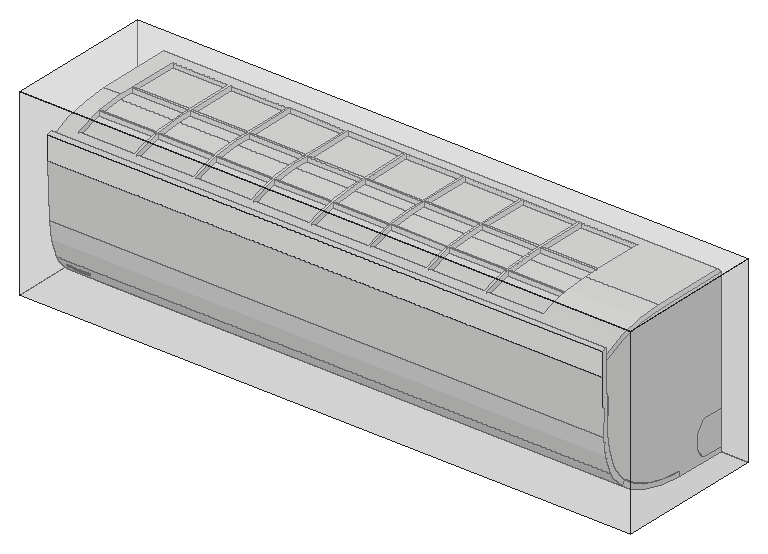
Revit family "outputfile", category 機械設備, Revit 2024
Family settings
  丸型コネクタ寸法 = 半径を使用
  パーツ タイプ = 標準
  OmniClass 番号 = 23.75.10.24.21.27.27
  OmniClass タイトル = Split System Air Conditioning Units
  作業面ベース = いいえ
  常に垂直 = はい
  ロード時にボイドで切り取り = いいえ
  注釈の向きを維持 = いいえ
  共有 = いいえ
  部屋計算ポイント = いいえ
Parameters (values of type "FTKM50XVMG")
  Description = ""
  書き出し IFC クラス(タイプ) = "IfcUnitaryEquipmentType"
  定義済み IFC タイプ(タイプ) = "AIRCONDITIONINGUNIT"
  Cost = 0
  Type Comments = ""
  Keynote = ""
  Type Image = (empty or 0)
  Assembly Code = ""
  w_wall hole = if(Width = 770.0 mm, 48.0 mm, 60.0 mm)  # 60.0 mm
  製造元 = "Daikin"
  モデル = "FTKM50XVMG"
  switch_frequency = yes
  r_Liquid Pipe Size = Liquid Pipe Size / 2  # 3.2 mm
  r_Gas Pipe Size = Gas Pipe Size / 2  # 6.35 mm
  r_Drain Pipe Size = Drain Pipe Size / 2  # 8.0 mm
  lw_powersupply [instance] = if(Width = 770.0 mm, if(or(Rear Right Connection_refrigerant, Bottom Right Connection_refrigerant), 25.0 mm, if(or(Rear Left Connection_refrigerant, Bottom Left Connection_refrigerant), 745.0 mm, 400.0 mm)), if(Width = 990.0 mm, if(or(Rear Right Connection_refrigerant, Bottom Right Connection_refrigerant), 40.0 mm, if(or(Rear Left Connection_refrigerant, Bottom Left Connection_refrigerant), 920.0 mm, 400.0 mm)), if(or(Rear Right Connection_refrigerant, Bottom Right Connection_refrigerant), 40.0 mm, if(or(Rear Left Connection_refrigerant, Bottom Left Connection_refrigerant), 920.0 mm, 400.0 mm))))  # 400.0 mm
  lw_liquidpipe [instance] = if(Width = 770.0 mm, if(or(Rear Right Connection_refrigerant, Bottom Right Connection_refrigerant), 0.0 mm, if(or(Rear Left Connection_refrigerant, Bottom Left Connection_refrigerant), 664.0 mm, 385.0 mm)), if(Width = 990.0 mm, if(or(Rear Right Connection_refrigerant, Bottom Right Connection_refrigerant), 0.0 mm, if(or(Rear Left Connection_refrigerant, Bottom Left Connection_refrigerant), 664.0 mm + (990.0 mm - 770.0 mm), 475.0 mm)), if(or(Rear Right Connection_refrigerant, Bottom Right Connection_refrigerant), 0.0 mm, if(or(Rear Left Connection_refrigerant, Bottom Left Connection_refrigerant), 664.0 mm + (990.0 mm - 770.0 mm), 475.0 mm))))  # 475.0 mm
  lw_gaspipe [instance] = if(Width = 770.0 mm, if(or(Rear Right Connection_refrigerant, Bottom Right Connection_refrigerant), 0.0 mm, if(or(Rear Left Connection_refrigerant, Bottom Left Connection_refrigerant), 675.0 mm, if(Gas Pipe Size = 12.7 mm, 345.0 mm, 335.0 mm))), if(Width = 990.0 mm, if(or(Rear Right Connection_refrigerant, Bottom Right Connection_refrigerant), 10.0 mm, if(or(Rear Left Connection_refrigerant, Bottom Left Connection_refrigerant), 890.0 mm, if(Gas Pipe Size = 15.9 mm, 400.0 mm, 400.0 mm))), if(or(Rear Right Connection_refrigerant, Bottom Right Connection_refrigerant), 10.0 mm, if(or(Rear Left Connection_refrigerant, Bottom Left Connection_refrigerant), 890.0 mm, if(Gas Pipe Size = 15.9 mm, 400.0 mm, 400.0 mm)))))  # 400.0 mm
  lw_drainpipe [instance] = if(Width = 770.0 mm, if(or(Rear Right Connection_refrigerant, Bottom Right Connection_refrigerant), 0.0 mm, if(or(Rear Left Connection_refrigerant, Bottom Left Connection_refrigerant), 770.0 mm - 48.0 mm - 48.0 mm, 440.0 mm)), if(Width = 990.0 mm, if(or(Rear Right Connection_refrigerant, Bottom Right Connection_refrigerant), 0.0 mm, if(or(Rear Left Connection_refrigerant, Bottom Left Connection_refrigerant), 675.0 mm + (990.0 mm - 770.0 mm), 435.0 mm)), if(or(Rear Right Connection_refrigerant, Bottom Right Connection_refrigerant), 0.0 mm, if(or(Rear Left Connection_refrigerant, Bottom Left Connection_refrigerant), 675.0 mm + (990.0 mm - 770.0 mm), 435.0 mm))))  # 435.0 mm
  l_powersupply_length [instance] = if(Width = 770.0 mm, if(Right Connection_refrigerant, 400.0 mm, if(Left Connection_refrigerant, 770.0 mm - 400.0 mm, if(or(Rear Left Connection_refrigerant, Rear Right Connection_refrigerant), 15.0 mm, 50.0 mm))), if(Width = 990.0 mm, if(Right Connection_refrigerant, 400.0 mm, if(Left Connection_refrigerant, 990.0 mm - 400.0 mm, if(or(Rear Left Connection_refrigerant, Rear Right Connection_refrigerant), 15.0 mm, 50.0 mm))), if(Right Connection_refrigerant, 400.0 mm, if(Left Connection_refrigerant, 990.0 mm - 400.0 mm, if(or(Rear Left Connection_refrigerant, Rear Right Connection_refrigerant), 15.0 mm, 50.0 mm)))))  # 400.0 mm
  l_liquidpipe_length [instance] = if(Width = 770.0 mm, if(Right Connection_refrigerant, 433.0 mm, if(Left Connection_refrigerant, 337.0 mm, if(or(Rear Left Connection_refrigerant, Rear Right Connection_refrigerant), 30.0 mm, 40.0 mm))), if(Width = 990.0 mm, if(Right Connection_refrigerant, 535.0 mm, if(Left Connection_refrigerant, 455.0 mm, if(or(Rear Left Connection_refrigerant, Rear Right Connection_refrigerant), 30.0 mm, 40.0 mm))), if(Right Connection_refrigerant, 535.0 mm, if(Left Connection_refrigerant, 455.0 mm, if(or(Rear Left Connection_refrigerant, Rear Right Connection_refrigerant), 30.0 mm, 40.0 mm)))))  # 535.0 mm
  l_gaspipe_length [instance] = if(Width = 770.0 mm, if(Right Connection_refrigerant, if(Gas Pipe Size = 12.7 mm, 393.0 mm, 383.0 mm), if(Left Connection_refrigerant, if(Gas Pipe Size = 12.7 mm, 770.0 mm - 393.0 mm, 770.0 mm - 383.0 mm), if(or(Rear Left Connection_refrigerant, Rear Right Connection_refrigerant), 40.0 mm, 50.0 mm))), if(Width = 990.0 mm, if(Right Connection_refrigerant, if(Gas Pipe Size = 15.9 mm, 460.0 mm, 460.0 mm), if(Left Connection_refrigerant, if(Gas Pipe Size = 15.9 mm, 990.0 mm - 460.0 mm, 990.0 mm - 460.0 mm), if(or(Rear Left Connection_refrigerant, Rear Right Connection_refrigerant), 40.0 mm, 50.0 mm))), if(Right Connection_refrigerant, if(Gas Pipe Size = 15.9 mm, 460.0 mm, 460.0 mm), if(Left Connection_refrigerant, if(Gas Pipe Size = 15.9 mm, 990.0 mm - 460.0 mm, 990.0 mm - 460.0 mm), if(or(Rear Left Connection_refrigerant, Rear Right Connection_refrigerant), 40.0 mm, 50.0 mm)))))  # 460.0 mm
  l_drainpipe_length [instance] = if(Width = 770.0 mm, if(Right Connection_refrigerant, 488.0 mm, if(Left Connection_refrigerant, 282.0 mm, if(or(Rear Left Connection_refrigerant, Rear Right Connection_refrigerant), 15.0 mm, 20.0 mm))), if(Width = 990.0 mm, if(Right Connection_refrigerant, 495.0 mm, if(Left Connection_refrigerant, 495.0 mm, if(or(Rear Left Connection_refrigerant, Rear Right Connection_refrigerant), 15.0 mm, 20.0 mm))), if(Right Connection_refrigerant, 495.0 mm, if(Left Connection_refrigerant, 495.0 mm, if(or(Rear Left Connection_refrigerant, Rear Right Connection_refrigerant), 15.0 mm, 20.0 mm)))))  # 495.0 mm
  h*** = 0.0 mm  # constant formula
  connector_voltage = Voltage_50Hz  # 230 V
  connector_powerinput = [Power Input (Cooling)]  # 0.000 kW
  connector_phase = Phase_50Hz  # 1
  angle_vertical [instance] = if(or(Bottom Left Connection_refrigerant, Bottom Right Connection_refrigerant), 0.00°, 90.00°)  # 90.00°
  angle_horizontal [instance] = if(Right Connection_refrigerant, 90.00°, if(Left Connection_refrigerant, -90.00°, if(or(Rear Left Connection_refrigerant, Rear Right Connection_refrigerant), 180.00°, 0.00°)))  # 90.00°
  Width = 990.0 mm
  Voltage_comment_50Hz = "220 - 240"
  Voltage_50Hz = 230 V
  Version = "ver.1.0"
  Unit Type = "Wall Mounted"
  Unit Mass Weight = 13.00 kg
  Unit Designation [instance] = ""
  Uniclass2015Version = "Products v1.30"
  Uniclass2015Title = "Split coil room air conditioning units"
  Uniclass2015Code = "Pr_70_65_03_86"
  URL = ""
  Total Cooling Capacity [instance] = 0.000 kW
  Sound Pressure Level_M speed (dBA) = 39
  Sound Pressure Level_L speed (dBA) = 34
  Sound Pressure Level_H speed (dBA) = 48
  Sound Power Level_H speed (dB) = 0
  Series = "Single Split_Fan Coil Unit"
  Sensible Cooling Capacity [instance] = 0.000 kW
  Refrigerant Type = "R32"
  Power Input (Cooling) = 0.000 kW
  Phase_50Hz = 1
  Option Accessory 3 [instance] = ""
  Option Accessory 2 [instance] = ""
  Option Accessory 1 [instance] = ""
  Nominal Cooling Capacity = 5.000 kW
  Minimum Circuit Amps_50Hz = 0.0 A
  Minimum Airflow = 576.00 m³/h
  Median Airflow = 798.00 m³/h
  Maximum Fuse Amps_50Hz = 0.0 A
  Maximum Airflow = 1060.00 m³/h
  Material_Casing = DAIKIN_White_Casing_indoorunit
  Load Classification = HVAC
  Liquid Pipe Size = 6.4 mm
  Link_Nested Family [instance] = ""
  IfcVersion = ""
  IfcExportType = "AIRCONDITIONINGUNIT"
  IfcExportAs = "IfcUnitaryEquipmentType"
  Height = 295.0 mm
  Heat Exchanger Type = "Cross Fin Coil"
  Gas Pipe Size = 12.7 mm
  Frequency_50Hz = 50 Hz
  Fan Type = "Cross Flow Fan"
  Fan Drive = "Direct Drive"
  FCU Tag No. [instance] = ""
  Drain Pipe Size = 16.0 mm
  Design Supply Airflow [instance] = 0.00 m³/h
  Depth = 263.0 mm
  既定の高さ = 0.0 mm
  Cooling Entering Wet Bulb Temperature [instance] = 0.00 °C
  Cooling Entering Dry Bulb Temperature [instance] = 0.00 °C
  Cooling Ambient Wet Bulb Temperature [instance] = 0.00 °C
  Cooling Ambient Dry Bulb Temperature [instance] = 0.00 °C
  Clearance visibility [instance] = yes
  Clearance Top = 30.0 mm
  Clearance Right = 50.0 mm
  Clearance Rear = 0.0 mm
  Clearance Left = 50.0 mm
  Clearance Front = 0.0 mm
  Clearance Bottom = 0.0 mm
  Bottom Right Connection_refrigerant [instance] = no
  Bottom Left Connection_refrigerant [instance] = no
  Rear Right Connection_refrigerant [instance] = no
  Rear Left Connection_refrigerant [instance] = no
  Right Connection_refrigerant [instance] = yes
  Left Connection_refrigerant [instance] = no
Reference planes
  plane 1 "Back": y = 0
  plane 2: z = 0
  plane 3 "Center (Left/Right)": x = 0
  plane 4 "Center (Front/Back)": y = -131.5
  plane 5 "Front": y = -263
  plane 6 "Left": x = -495
  plane 7 "Right": x = 495
  plane 8 "Top": z = 0
  plane 9 "Bottom": z = -295
  plane 10: x = -545
  plane 11: x = 545
  plane 12: y = 0
  plane 13: y = -263
  plane 14: z = 30
  plane 15: z = -295
  plane 16 "lw_Piping and Wiring intake": x = 435
  plane 17 "lw_gaspipe": x = 35
  plane 18 "lw_liquidpipe": x = -40
  plane 19 "lw_drainpipe": x = 0
  plane 20 "lh_drainpipe": z = -275
  plane 21 "lh_liquidpipe": z = -255
  plane 22 "lh_gaspipe": z = -245
  plane 23 "ld_drainpipe": y = -15
  plane 24 "ld_liquidpipe": y = -30
  plane 25 "ld_gaspipe": y = -40
  plane 26 "lw_powersupply": x = 95
Dimensions and locks
  equal spacing: plane 6 "Left", plane 3 "Center (Left/Right)", plane 7 "Right"
  "Width": plane 6 "Left" to plane 7 "Right"
  equal spacing: plane 5 "Front", plane 4 "Center (Front/Back)", plane 1 "Back"
  "Depth": plane 5 "Front" to plane 1 "Back"
  "Height": plane 8 "Top" to plane 9 "Bottom"
  "Clearance Rear": plane 12 to plane 1 "Back"
  "Clearance Front": plane 13 to plane 5 "Front"
  "Clearance Top": plane 14 to plane 8 "Top"
  "Clearance Bottom": plane 9 "Bottom" to plane 15
  "w_wall hole": plane 16 "lw_Piping and Wiring intake" to plane 7 "Right"
  "lw_gaspipe": plane 17 "lw_gaspipe" to plane 16 "lw_Piping and Wiring intake"
  "lw_liquidpipe": plane 18 "lw_liquidpipe" to plane 16 "lw_Piping and Wiring intake"
  "lw_drainpipe": plane 19 "lw_drainpipe" to plane 16 "lw_Piping and Wiring intake"
  locked: plane 20 "lh_drainpipe" to plane 9 "Bottom" at 20
  locked: plane 21 "lh_liquidpipe" to plane 9 "Bottom" at 40
  locked: plane 22 "lh_gaspipe" to plane 9 "Bottom" at 50
  locked: plane 23 "ld_drainpipe" to plane 1 "Back" at 15
  locked: plane 1 "Back" to plane 24 "ld_liquidpipe" at 30
  locked: plane 1 "Back" to plane 25 "ld_gaspipe" at 40
  "lw_powersupply": plane 26 "lw_powersupply" to plane 7 "Right"
  "Clearance Left": plane 10 to plane 6 "Left"
  "Clearance Right": plane 7 "Right" to plane 11
  aligned and locked: level to plane 2
  aligned and locked: plane 12 to nested 1
  aligned and locked: nested 1 to plane 13
  aligned and locked: plane 10 to nested 1
  aligned and locked: plane 11 to nested 1
  aligned and locked: plane 15 to nested 1
  aligned and locked: plane 14 to nested 1
  aligned and locked: plane 17 "lw_gaspipe" to nested 2
  aligned and locked: nested 2 to plane 25 "ld_gaspipe"
  aligned and locked: plane 18 "lw_liquidpipe" to nested 3
  aligned and locked: nested 3 to plane 24 "ld_liquidpipe"
  aligned and locked: plane 19 "lw_drainpipe" to nested 4
  aligned and locked: nested 4 to plane 23 "ld_drainpipe"
  aligned and locked: nested 5 to plane 23 "ld_drainpipe"
  aligned and locked: plane 26 "lw_powersupply" to nested 5
  aligned and locked: level to plane 8 "Top"
  aligned and locked: plane 3 "Center (Left/Right)" to nested 6
  aligned and locked: plane 1 "Back" to nested 6
  aligned and locked: plane 8 "Top" to nested 6
Nested families
  nested 1: "daikin_clearancespace" at (0, -131.5, -132.381), show <- "Clearance visibility", visible <- "Clearance visibility", Link_Nested Family <- "Link_Nested Family", type "daikin_clearancespace"
    with width 1090.0 mm, show yes, height 325.0 mm, depth 263.0 mm, Link_Nested Family ""
  nested 2: "daikin_connector_rotate3" at (35, -40, -245), angle_vertical <- "angle_vertical", angle_horizontal <- "angle_horizontal", length <- "l_gaspipe_length", radius <- "r_Gas Pipe Size", type "daikin_connector_rotate3"
    with show no, radius 6.35 mm, length 460.0 mm, angle_vertical 90.00°, angle_horizontal 90.00°
  nested 3: "daikin_connector_rotate3" at (-40, -30, -255), angle_vertical <- "angle_vertical", angle_horizontal <- "angle_horizontal", radius <- "r_Liquid Pipe Size", length <- "l_liquidpipe_length", type "daikin_connector_rotate3"
    with show no, radius 3.2 mm, length 535.0 mm, angle_vertical 90.00°, angle_horizontal 90.00°
  nested 4: "daikin_connector_rotate3" at (0, -15, -275), angle_vertical <- "angle_vertical", angle_horizontal <- "angle_horizontal", length <- "l_drainpipe_length", radius <- "r_Drain Pipe Size", type "daikin_connector_rotate3"
    with show no, radius 8.0 mm, length 495.0 mm, angle_vertical 90.00°, angle_horizontal 90.00°
  nested 5: "daikin_connector_rotate3" at (95, -15, -245), angle_vertical <- "angle_vertical", angle_horizontal <- "angle_horizontal", length <- "l_powersupply_length", type "daikin_connector_rotate3"
    with show no, radius 10.0 mm, length 400.0 mm, angle_vertical 90.00°, angle_horizontal 90.00°
  nested 6: "DAIKIN_indoorunit_FTKM-XVMG" at (-31, 0, 0), type "FTKM-XVMG"
    with switch_unit1_50-71 yes, switch_unit1_25-35 no, Width 990.0 mm, WALL HOLE-R 60.0 mm, WALL HOLE Size 80.0 mm, Height 295.0 mm
Connectors
  piping at (495, -40, -245), diameter 12.7, driven by "r_Gas Pipe Size"
    settings: on nested 2, index 1, connector inside diameter 609.6 mm, connector length 0.0 mm, flow factor 0, pipe flow 0.00 m³/h, pressure drop 0.0 Pa, fitting loss kfactor 0, connector angle 0.00°, fixture units 0, engagement length 0.0 mm, angle of deflection 0.00°, flow configuration 1, flow direction 2, fitting loss method 0, system type 29, joint type 0, gender type 0, connector reference index -1, connector utility 0, adjustable connector no, is connector primary yes, connector description "Refrigerant Gas Piping"
  piping at (495, -30, -255), diameter 6.4, driven by "r_Liquid Pipe Size"
    settings: on nested 3, index 2, connector inside diameter 609.6 mm, connector length 0.0 mm, flow factor 0, pipe flow 0.00 m³/h, pressure drop 0.0 Pa, fitting loss kfactor 0, connector angle 0.00°, fixture units 0, engagement length 0.0 mm, angle of deflection 0.00°, flow configuration 1, flow direction 1, fitting loss method 0, system type 29, joint type 0, gender type 0, connector reference index -1, connector utility 0, adjustable connector no, is connector primary no, connector description "Refrigerant Liquid Piping"
  piping at (495, -15, -275), diameter 16, driven by "r_Drain Pipe Size"
    settings: on nested 4, index 3, connector inside diameter 609.6 mm, connector length 0.0 mm, flow factor 0, pipe flow 0.00 m³/h, pressure drop 0.0 Pa, fitting loss kfactor 0, connector angle 0.00°, fixture units 0, engagement length 0.0 mm, angle of deflection 0.00°, flow configuration 1, flow direction 2, fitting loss method 4, system type 16, joint type 0, gender type 0, connector reference index -1, connector utility 0, adjustable connector no, is connector primary no, connector description "Condensate Drain Piping"
  electrical at (495, -15, -245), driven by "Load Classification", driven by "connector_powerinput", driven by "connector_voltage", driven by "connector_phase"
    settings: on nested 5, index 4, voltage 230 V, apparent load 0 VA, apparent load phase1 0 VA, apparent load phase2 0 VA, apparent load phase3 0 VA, power factor 1, load classification "HVAC", number of poles 1, system type 30, power factor state 1, is connector primary yes, connector utility no, sub classification motor no, connector description "Power Supply"
Definition of nested family "daikin_clearancespace"
  Parameters (values of type "daikin_clearancespace")
    Description = "daikin_clearancespace"
    width [instance] = 1823.963 mm
    show [instance] = yes
    material = none
    height [instance] = 1359.762 mm
    depth [instance] = 880.0 mm
    Default Elevation = 0.0 mm
    Link_Nested Family [instance] = ""
  Reference planes
    plane 1 "Center (Front/Back)": y = 0
    plane 2 "Center (Elevation)": z = -0.119
    plane 3 "Center (Left/Right)": x = 0
    plane 4: y = 440
    plane 5: y = -440
    plane 6 "Right": x = 911.982
    plane 7 "Left": x = -911.982
    plane 8 "Top": z = 679.762
    plane 9 "Bottom": z = -680
  Forms (mm)
    Extrusion 1, solid, material <- "material", visible <- "show"
      sketch origin (0, 0, 0) x (1, 0, 0) y (0, 1, 0)
        loop
          line (-911.982, 440) -> (-911.982, -440) -> (911.982, -440) -> (911.982, 440) -> (-911.982, 440)
      from -680 to 679.762
  Lines and regions (mm)
    symbolic lines, visible <- "show"
      curve 1: line (911.982, 440, 0) -> (-911.982, 440, 0)
      curve 2: line (-911.982, 440, 0) -> (-911.982, -440, 0)
      curve 3: line (-911.982, -440, 0) -> (911.982, -440, 0)
      curve 4: line (911.982, -440, 0) -> (911.982, 440, 0)
      curve 5: line (911.982, 0, 679.762) -> (-911.982, 0, 679.762)
      curve 6: line (911.982, 0, -680) -> (911.982, 0, 679.762)
      curve 7: line (-911.982, 0, -680) -> (911.982, 0, -680)
      curve 8: line (-911.982, 0, 679.762) -> (-911.982, 0, -680)
      curve 9: line (0, 440, 679.762) -> (0, -440, 679.762)
      curve 10: line (0, -440, 679.762) -> (0, -440, -680)
      curve 11: line (0, 440, -680) -> (0, 440, 679.762)
      curve 12: line (0, -440, -680) -> (0, 440, -680)
  Dimensions and locks
    "width": plane 7 "Left" to plane 6 "Right"
    "depth": plane 4 to plane 5
    "height": plane 8 "Top" to plane 9 "Bottom"
    equal spacing: plane 7 "Left", plane 3 "Center (Left/Right)", plane 6 "Right"
    equal spacing: plane 4, plane 1 "Center (Front/Back)", plane 5
    equal spacing: plane 8 "Top", plane 2 "Center (Elevation)", plane 9 "Bottom"
    aligned and locked: level to plane 2 "Center (Elevation)"
    aligned and locked: Extrusion 1 sketch curve to plane 4
    aligned and locked: plane 7 "Left" to Extrusion 1 sketch curve
    aligned and locked: Extrusion 1 sketch curve to plane 5
    aligned and locked: Extrusion 1 sketch curve to plane 6 "Right"
    aligned and locked: plane 8 "Top" to Extrusion 1
    aligned and locked: curve 1 to Extrusion 1
    aligned and locked: curve 2 to Extrusion 1
    aligned and locked: curve 3 to Extrusion 1
    aligned and locked: curve 4 to Extrusion 1
    aligned and locked: curve 5 to Extrusion 1
    aligned and locked: curve 6 to Extrusion 1
    aligned and locked: curve 7 to Extrusion 1
    aligned and locked: curve 8 to Extrusion 1
    aligned and locked: curve 9 to Extrusion 1
    aligned and locked: curve 10 to Extrusion 1
    aligned and locked: curve 11 to Extrusion 1
    aligned and locked: curve 12 to Extrusion 1
    aligned and locked: Extrusion 1 to plane 9 "Bottom"
Definition of nested family "DAIKIN_indoorunit_FTKM-XVMG"
  Parameters (values of type "FTKM-XVMG")
    switch_unit1_50-71 = Width = 990.0 mm  # no
    switch_unit1_25-35 = Width = 770.0 mm  # yes
    Width = 770.0 mm
    WALL HOLE-R = if(Width = 770.0 mm, 48.0 mm, 60.0 mm)  # 48.0 mm
    WALL HOLE Size = if(Width = 770.0 mm, 65.0 mm, 80.0 mm)  # 65.0 mm
    Material_Casing = none
    Height = if(Width = 770.0 mm, 285.0 mm, 295.0 mm)  # 285.0 mm
    Default Elevation = 0.0 mm
  Reference planes
    plane 1 "Center (Front/Back)": y = 0
    plane 2 "reference_level": z = 0
    plane 3 "Center (Left/Right)": x = 31
    plane 4: x = -354
    plane 5: x = 416
    plane 6: z = -285
  Forms (mm)
    Extrusion 1, solid, material <- "Material_Casing", visible <- "switch_unit1_25-35"
      sketch origin (29, 0, 0) x (0, 1, 0) y (0, 0, 1)
        loop
          line (-5, 0) -> (-98, 0)
          arc (-98, 0) -> (-157.611, -7.211) -> (-213.783, -28.427) r 250
          arc (-213.783, -28.427) -> (-213.842, -32.972) -> (-213.892, -37.516) r 2191
          arc (-213.892, -37.516) -> (-157.832, -15.495) -> (-98.07, -8) r 242
          line (-98.07, -8) -> (0, -8) -> (-5, 0)
      from -383 to 387
    Extrusion 2, solid, material <- "Material_Casing", visible <- "switch_unit1_25-35"
      sketch origin (416, 1296.25, 1200) x (0, 1, 0) y (0, 0, 1)
        loop
          line (-1472.998, -1446.91) -> (-1476.998, -1453.839)
          arc (-1476.998, -1453.839) -> (-1437.481, -1472.422) -> (-1395.25, -1483.538) r 240
          line (-1395.25, -1483.538) -> (-1395.25, -1475.422)
          arc (-1395.25, -1475.422) -> (-1435.407, -1464.663) -> (-1472.998, -1446.91) r 232
      from 0 to -47.5
    Extrusion 3, solid, material <- "Material_Casing", visible <- "switch_unit1_25-35"
      sketch origin (29, 0, 0) x (0, 1, 0) y (0, 0, 1)
        loop
          arc (-223, -60.455) -> (-222.414, -110.646) -> (-220.656, -160.81) r 2149.92
          arc (-220.656, -160.81) -> (-219.65, -174.299) -> (-217.853, -187.706) r 229.911
          arc (-217.853, -187.706) -> (-205.371, -223.594) -> (-181.517, -253.17) r 111
          line (-181.517, -253.17) -> (-177.429, -246.093)
          arc (-177.429, -246.093) -> (-198.77, -218.989) -> (-209.965, -186.36) r 103
          arc (-209.965, -186.36) -> (-211.681, -173.586) -> (-212.651, -160.735) r 221.844
          arc (-212.651, -160.735) -> (-214.739, -93.233) -> (-214.74, -25.699) r 2186.828
          arc (-214.74, -25.699) -> (-214.671, -21.467) -> (-214.594, -17.235) r 2192
          line (-214.594, -17.235) -> (-223, -19.961) -> (-223, -60.455)
      from -383 to 387
    Extrusion 4, solid, material <- "Material_Casing", visible <- "switch_unit1_25-35"
      sketch origin (29, 0, -20) x (0, 1, 0) y (0, 0, 1)
        loop
          line (0, -265) -> (0, 12) -> (-98.07, 12)
          arc (-98.07, 12) -> (-157.832, 4.505) -> (-213.892, -17.516) r 242
          arc (-213.892, -17.516) -> (-213.638, -79.114) -> (-211.653, -140.681) r 2191
          arc (-211.653, -140.681) -> (-210.685, -153.501) -> (-208.973, -166.243) r 221
          arc (-208.973, -166.243) -> (-197.471, -199.282) -> (-175.482, -226.491) r 102
          arc (-175.482, -226.491) -> (-138.004, -244.019) -> (-98, -254.579) r 231
          line (-98, -254.579) -> (-98, -265) -> (0, -265)
      from -383 to 387
    Extrusion 5, solid, material <- "Material_Casing", visible <- "switch_unit1_25-35"
      sketch origin (-354, 1296.25, 1200) x (0, 1, 0) y (0, 0, 1)
        loop
          line (-1472.998, -1446.91) -> (-1476.998, -1453.839)
          arc (-1476.998, -1453.839) -> (-1437.481, -1472.422) -> (-1395.25, -1483.538) r 240
          line (-1395.25, -1483.538) -> (-1395.25, -1475.422)
          arc (-1395.25, -1475.422) -> (-1435.407, -1464.663) -> (-1472.998, -1446.91) r 232
      from 47 to 0
    Extrusion 6, solid, material <- "Material_Casing", visible <- "switch_unit1_25-35"
      sketch origin (416, 1296.25, 1200) x (0, 1, 0) y (0, 0, 1)
        loop
          line (-1472.998, -1446.91) -> (-1476.998, -1453.839)
          arc (-1476.998, -1453.839) -> (-1443.437, -1470.168) -> (-1407.75, -1481.097) r 240
          line (-1407.75, -1481.097) -> (-1407.75, -1472.894)
          arc (-1407.75, -1472.894) -> (-1441.363, -1462.385) -> (-1472.998, -1446.91) r 232
      from -116.993 to -48.493
    Extrusion 7, solid, material <- "Material_Casing", visible <- "switch_unit1_25-35"
      sketch origin (416, 1296.25, 1200) x (0, 1, 0) y (0, 0, 1)
        loop
          line (-1472.998, -1446.91) -> (-1476.998, -1453.839)
          arc (-1476.998, -1453.839) -> (-1443.437, -1470.168) -> (-1407.75, -1481.097) r 240
          line (-1407.75, -1481.097) -> (-1407.75, -1472.894)
          arc (-1407.75, -1472.894) -> (-1441.363, -1462.385) -> (-1472.998, -1446.91) r 232
      from -717 to -121.993
    Extrusion 8, void
      sketch origin (31, 0, -235) x (1, 0, 0) y (0, 1, 0)
        loop
          line (-252.674, -22.316) -> (-354.941, -22.316) -> (-354.941, -91.341) -> (-252.674, -91.341) -> (-252.674, -22.316)
        loop
          line (-249.341, -91.341) -> (-151.574, -91.341) -> (-151.574, -22.316) -> (-249.341, -22.316) -> (-249.341, -91.341)
        loop
          line (58.309, -22.316) -> (-148.309, -22.316) -> (-148.309, -91.341) -> (58.309, -91.341) -> (58.309, -22.316)
        loop
          line (61.689, -22.316) -> (61.689, -91.341) -> (159.457, -91.341) -> (159.457, -22.316) -> (61.689, -22.316)
        loop
          line (162.789, -22.316) -> (162.789, -91.341) -> (265.057, -91.341) -> (265.057, -22.316) -> (162.789, -22.316)
        loop
          line (-354.941, -94.659) -> (-354.941, -165.259) -> (-252.674, -165.259) -> (-252.674, -94.659) -> (-354.941, -94.659)
        loop
          line (-249.341, -94.659) -> (-249.341, -165.259) -> (-151.574, -165.259) -> (-151.574, -94.659) -> (-249.341, -94.659)
        loop
          line (-148.309, -94.659) -> (-148.309, -165.259) -> (58.309, -165.259) -> (58.309, -94.659) -> (-148.309, -94.659)
        loop
          line (61.689, -94.659) -> (61.689, -165.259) -> (159.457, -165.259) -> (159.457, -94.659) -> (61.689, -94.659)
        loop
          line (162.789, -94.659) -> (162.789, -165.259) -> (265.057, -165.259) -> (265.057, -94.659) -> (162.789, -94.659)
        loop
          line (-354.941, -167.382) -> (-354.941, -192.681) -> (-252.674, -192.681) -> (-252.674, -167.382) -> (-354.941, -167.382)
        loop
          line (-249.341, -167.382) -> (-249.341, -192.681) -> (-151.574, -192.681) -> (-151.574, -167.382) -> (-249.341, -167.382)
        loop
          line (-148.309, -167.382) -> (-148.309, -192.681) -> (58.309, -192.681) -> (58.309, -167.382) -> (-148.309, -167.382)
        loop
          line (159.457, -167.382) -> (61.689, -167.382) -> (61.689, -192.681) -> (159.457, -192.681) -> (159.457, -167.382)
        loop
          line (265.057, -167.382) -> (162.789, -167.382) -> (162.789, -192.681) -> (265.057, -192.681) -> (265.057, -167.382)
      from 201.638 to 250
    Extrusion 9, solid, material <- "Material_Casing"
      sketch origin (31, 0, 0) x (1, 0, 0) y (0, 0, 1)
        loop
          circle (337, -240.5) r 32.5
        loop
          circle (-337, -240.5) r 32.5
      from 0 to 5
    Extrusion 10, solid, material <- "Material_Casing", visible <- "switch_unit1_25-35"
      sketch origin (416, 1296.25, 1200) x (0, -1, 0) y (0, 0, 1)
        loop
          line (1326.25, -1417) -> (1296.25, -1417) -> (1296.25, -1477) -> (1326.25, -1477)
          arc (1326.25, -1477) -> (1340.393, -1471.142) -> (1346.25, -1457) r 20
          line (1346.25, -1457) -> (1346.25, -1437)
          arc (1346.25, -1437) -> (1340.393, -1422.858) -> (1326.25, -1417) r 20
      from 0 to 5
    Extrusion 11, solid, material <- "Material_Casing", visible <- "switch_unit1_25-35"
      sketch origin (-354, 1296.25, 1200) x (0, 1, 0) y (0, 0, 1)
        loop
          line (-1296.25, -1417) -> (-1326.25, -1417)
          arc (-1326.25, -1417) -> (-1340.393, -1422.858) -> (-1346.25, -1437) r 20
          line (-1346.25, -1437) -> (-1346.25, -1457)
          arc (-1346.25, -1457) -> (-1340.393, -1471.142) -> (-1326.25, -1477) r 20
          line (-1326.25, -1477) -> (-1296.25, -1477) -> (-1296.25, -1417)
      from 0 to 5
    Extrusion 12, solid, material <- "Material_Casing", visible <- "switch_unit1_25-35"
      sketch origin (31, 0, -285) x (-1, 0, 0) y (0, -1, 0)
        loop
          line (-314, 0) -> (-314, 30)
          arc (-314, 30) -> (-319.858, 44.142) -> (-334, 50) r 20
          line (-334, 50) -> (-354, 50)
          arc (-354, 50) -> (-368.142, 44.142) -> (-374, 30) r 20
          line (-374, 30) -> (-374, 0) -> (-314, 0)
        loop
          line (374, 0) -> (374, 30)
          arc (374, 30) -> (368.142, 44.142) -> (354, 50) r 20
          line (354, 50) -> (334, 50)
          arc (334, 50) -> (319.858, 44.142) -> (314, 30) r 20
          line (314, 30) -> (314, 0) -> (374, 0)
      from 0 to 5
    Extrusion 13, solid, material <- "Material_Casing", visible <- "switch_unit1_50-71"
      sketch origin (31, 0, 0) x (0, 1, 0) y (0, 0, 1)
        loop
          line (-5, 0) -> (-138, 0)
          arc (-138, 0) -> (-197.611, -7.211) -> (-253.783, -28.427) r 250
          arc (-253.783, -28.427) -> (-253.838, -32.687) -> (-253.886, -36.946) r 2191
          arc (-253.886, -36.946) -> (-197.73, -15.346) -> (-138.014, -8) r 246.393
          line (-138.014, -8) -> (0, -8) -> (-5, 0)
      from -495 to 495
    Extrusion 14, solid, material <- "Material_Casing", visible <- "switch_unit1_50-71"
      sketch origin (418, 1296.25, 1200) x (0, 1, 0) y (0, 0, 1)
        loop
          arc (-1515.208, -1454.149) -> (-1506.856, -1460.599) -> (-1497.925, -1466.219) r 110
          arc (-1497.925, -1466.219) -> (-1445.718, -1487.493) -> (-1389.844, -1494.995) r 223
          line (-1389.844, -1494.995) -> (-1389.844, -1486.086) -> (-1404.386, -1486.086)
          arc (-1404.386, -1486.086) -> (-1449.542, -1477.46) -> (-1491.818, -1459.402) r 214.289
          arc (-1491.818, -1459.402) -> (-1501.056, -1453.541) -> (-1509.606, -1446.715) r 101
          line (-1509.606, -1446.715) -> (-1515.208, -1454.149)
      from 108 to 57.5
    Extrusion 15, solid, material <- "Material_Casing", visible <- "switch_unit1_50-71"
      sketch origin (31, 0, 0) x (0, 1, 0) y (0, 0, 1)
        loop
          line (-263, -19.962) -> (-263, -61.6)
          arc (-263, -61.6) -> (-262.414, -110.219) -> (-260.656, -158.81) r 2017.341
          arc (-260.656, -158.81) -> (-255.648, -191.935) -> (-244.041, -223.362) r 164.725
          arc (-244.041, -223.362) -> (-233.569, -239.793) -> (-219.717, -253.495) r 87.379
          line (-219.717, -253.495) -> (-214.706, -246.846)
          arc (-214.706, -246.846) -> (-229.564, -230.029) -> (-240.385, -210.371) r 102
          arc (-240.385, -210.371) -> (-249.049, -182.962) -> (-252.848, -154.467) r 165.789
          arc (-252.848, -154.467) -> (-254.771, -90.102) -> (-254.74, -25.708) r 2122.533
          arc (-254.74, -25.708) -> (-254.671, -21.469) -> (-254.594, -17.23) r 2192
          line (-254.594, -17.23) -> (-263, -19.962)
      from -495 to 495
    Extrusion 16, void
      sketch origin (33, 0, 0) x (1, 0, 0) y (0, 1, 0)
        loop
          line (-466.909, -22.316) -> (-466.909, -111.341) -> (-366.303, -111.341) -> (-366.303, -22.316) -> (-466.909, -22.316)
        loop
          line (-362.71, -22.316) -> (-362.71, -111.341) -> (-262.103, -111.341) -> (-262.103, -22.316) -> (-362.71, -22.316)
        loop
          line (-258.51, -22.316) -> (-258.51, -111.341) -> (-157.904, -111.341) -> (-157.904, -22.316) -> (-258.51, -22.316)
        loop
          line (-154.31, -22.316) -> (-154.31, -111.341) -> (-53.704, -111.341) -> (-53.704, -22.316) -> (-154.31, -22.316)
        loop
          line (-50.11, -22.316) -> (-50.11, -111.341) -> (50.496, -111.341) -> (50.496, -22.316) -> (-50.11, -22.316)
        loop
          line (54.089, -22.316) -> (54.089, -111.341) -> (154.696, -111.341) -> (154.696, -22.316) -> (54.089, -22.316)
        loop
          line (158.289, -22.316) -> (158.289, -111.341) -> (258.895, -111.341) -> (258.895, -22.316) -> (158.289, -22.316)
        loop
          line (262.489, -22.316) -> (262.489, -111.341) -> (363.095, -111.341) -> (363.095, -22.316) -> (262.489, -22.316)
        loop
          line (-466.909, -114.459) -> (-466.909, -185.059) -> (-366.303, -185.059) -> (-366.303, -114.459) -> (-466.909, -114.459)
        loop
          line (-362.71, -114.459) -> (-362.71, -185.059) -> (-262.103, -185.059) -> (-262.103, -114.459) -> (-362.71, -114.459)
        loop
          line (-258.51, -114.459) -> (-258.51, -185.059) -> (-157.904, -185.059) -> (-157.904, -114.459) -> (-258.51, -114.459)
        loop
          line (-154.31, -114.459) -> (-154.31, -185.059) -> (-53.704, -185.059) -> (-53.704, -114.459) -> (-154.31, -114.459)
        loop
          line (-50.11, -114.459) -> (-50.11, -185.059) -> (50.496, -185.059) -> (50.496, -114.459) -> (-50.11, -114.459)
        loop
          line (54.089, -114.459) -> (54.089, -185.059) -> (154.696, -185.059) -> (154.696, -114.459) -> (54.089, -114.459)
        loop
          line (158.289, -114.459) -> (158.289, -185.059) -> (258.895, -185.059) -> (258.895, -114.459) -> (158.289, -114.459)
        loop
          line (262.489, -114.459) -> (262.489, -185.059) -> (363.095, -185.059) -> (363.095, -114.459) -> (262.489, -114.459)
        loop
          line (-466.909, -187.382) -> (-466.909, -232.681) -> (-366.303, -232.681) -> (-366.303, -187.382) -> (-466.909, -187.382)
        loop
          line (-362.71, -187.382) -> (-362.71, -232.681) -> (-262.103, -232.681) -> (-262.103, -187.382) -> (-362.71, -187.382)
        loop
          line (-258.51, -187.382) -> (-258.51, -232.681) -> (-157.904, -232.681) -> (-157.904, -187.382) -> (-258.51, -187.382)
        loop
          line (-154.31, -187.382) -> (-154.31, -232.681) -> (-53.704, -232.681) -> (-53.704, -187.382) -> (-154.31, -187.382)
        loop
          line (-50.11, -187.382) -> (-50.11, -232.681) -> (50.496, -232.681) -> (50.496, -187.382) -> (-50.11, -187.382)
        loop
          line (54.089, -187.382) -> (54.089, -232.681) -> (154.696, -232.681) -> (154.696, -187.382) -> (54.089, -187.382)
        loop
          line (158.289, -187.382) -> (158.289, -232.681) -> (258.895, -232.681) -> (258.895, -187.382) -> (158.289, -187.382)
        loop
          line (262.489, -187.382) -> (262.489, -232.681) -> (363.095, -232.681) -> (363.095, -187.382) -> (262.489, -187.382)
      from -40.013 to 47.268
    Extrusion 17, solid, material <- "Material_Casing", visible <- "switch_unit1_50-71"
      sketch origin (-356, 1296.25, 1200) x (0, 1, 0) y (0, 0, -1)
        loop
          line (-1515.208, 1454.149) -> (-1509.606, 1446.715)
          arc (-1509.606, 1446.715) -> (-1501.056, 1453.541) -> (-1491.818, 1459.402) r 101
          arc (-1491.818, 1459.402) -> (-1449.542, 1477.46) -> (-1404.386, 1486.086) r 214.289
          line (-1404.386, 1486.086) -> (-1389.844, 1486.086) -> (-1389.844, 1494.995)
          arc (-1389.844, 1494.995) -> (-1445.718, 1487.493) -> (-1497.925, 1466.219) r 223
          arc (-1497.925, 1466.219) -> (-1506.856, 1460.599) -> (-1515.208, 1454.149) r 110
      from 108 to 61
    Extrusion 18, solid, material <- "Material_Casing", visible <- "switch_unit1_50-71"
      sketch origin (418, 1296.25, 1200) x (0, 1, 0) y (0, 0, 1)
        loop
          arc (-1515.208, -1454.149) -> (-1506.856, -1460.599) -> (-1497.925, -1466.219) r 110
          arc (-1497.925, -1466.219) -> (-1463.185, -1482.066) -> (-1426.25, -1491.755) r 223
          line (-1426.25, -1491.755) -> (-1426.25, -1483.166)
          arc (-1426.25, -1483.166) -> (-1460.008, -1473.969) -> (-1491.818, -1459.402) r 214.289
          arc (-1491.818, -1459.402) -> (-1501.056, -1453.541) -> (-1509.606, -1446.715) r 101
          line (-1509.606, -1446.715) -> (-1515.208, -1454.149)
      from 56.5 to -36.993
    Extrusion 19, solid, material <- "Material_Casing", visible <- "switch_unit1_50-71"
      sketch origin (418, 1296.25, 1200) x (0, 1, 0) y (0, 0, 1)
        loop
          arc (-1426.25, -1483.166) -> (-1443.442, -1479.224) -> (-1460.25, -1473.881) r 214.289
          line (-1460.25, -1473.881) -> (-1460.25, -1483.089)
          arc (-1460.25, -1483.089) -> (-1443.421, -1488.091) -> (-1426.25, -1491.755) r 223
          line (-1426.25, -1491.755) -> (-1426.25, -1483.166)
      from -43.493 to -828.893
    Extrusion 20, solid, material <- "Material_Casing", visible <- "switch_unit1_50-71"
      sketch origin (418, 1296.25, 1200) x (0, 1, 0) y (0, 0, 1)
        loop
          arc (-1515.208, -1454.149) -> (-1506.856, -1460.599) -> (-1497.925, -1466.219) r 110
          arc (-1497.925, -1466.219) -> (-1479.479, -1475.527) -> (-1460.25, -1483.089) r 223
          line (-1460.25, -1483.089) -> (-1460.25, -1473.881)
          arc (-1460.25, -1473.881) -> (-1476.328, -1467.282) -> (-1491.818, -1459.402) r 214.289
          arc (-1491.818, -1459.402) -> (-1501.056, -1453.541) -> (-1509.606, -1446.715) r 101
          line (-1509.606, -1446.715) -> (-1515.208, -1454.149)
      from -43.493 to -828.893
    Extrusion 21, solid, material <- "Material_Casing", visible <- "switch_unit1_50-71"
      sketch origin (31, 0, -30) x (0, 1, 0) y (0, 0, 1)
        loop
          line (0, 22) -> (-138.014, 22)
          arc (-138.014, 22) -> (-197.73, 14.654) -> (-253.886, -6.946) r 246.393
          arc (-253.886, -6.946) -> (-253.682, -65.635) -> (-251.855, -124.295) r 2120.935
          arc (-251.855, -124.295) -> (-248.086, -152.682) -> (-239.461, -179.988) r 164.789
          arc (-239.461, -179.988) -> (-228.903, -199.231) -> (-214.437, -215.738) r 101
          line (-214.437, -215.738) -> (-212.406, -216.221)
          arc (-212.406, -216.221) -> (-204.07, -222.837) -> (-195.079, -228.53) r 100
          arc (-195.079, -228.53) -> (-145.557, -248.629) -> (-92.593, -255.785) r 213.289
          line (-92.593, -255.785) -> (-92.593, -265) -> (0, -265) -> (0, 22)
      from -495 to 495
    Extrusion 22, solid, material <- "Material_Casing", visible <- "switch_unit1_50-71"
      sketch origin (526, 1296.25, 1200) x (0, -1, 0) y (0, 0, 1)
        loop
          line (1326.25, -1427.035) -> (1296.25, -1427.035) -> (1296.25, -1487.035) -> (1326.25, -1487.035)
          arc (1326.25, -1487.035) -> (1340.393, -1481.177) -> (1346.25, -1467.035) r 20
          line (1346.25, -1467.035) -> (1346.25, -1447.035)
          arc (1346.25, -1447.035) -> (1340.393, -1432.892) -> (1326.25, -1427.035) r 20
      from 0 to 5
    Extrusion 23, solid, material <- "Material_Casing", visible <- "switch_unit1_50-71"
      sketch origin (-459, 1296.25, 1200) x (0, -1, 0) y (0, 0, 1)
        loop
          line (1326.25, -1427.035) -> (1296.25, -1427.035) -> (1296.25, -1487.035) -> (1326.25, -1487.035)
          arc (1326.25, -1487.035) -> (1340.393, -1481.177) -> (1346.25, -1467.035) r 20
          line (1346.25, -1467.035) -> (1346.25, -1447.035)
          arc (1346.25, -1447.035) -> (1340.393, -1432.892) -> (1326.25, -1427.035) r 20
      from 0 to 5
    Extrusion 24, solid, material <- "Material_Casing", visible <- "switch_unit1_50-71"
      sketch origin (31, 200, -295) x (-1, 0, 0) y (0, -1, 0)
        loop
          line (469, 200) -> (469, 230)
          arc (469, 230) -> (463.142, 244.142) -> (449, 250) r 20
          line (449, 250) -> (429, 250)
          arc (429, 250) -> (414.858, 244.142) -> (409, 230) r 20
          line (409, 230) -> (409, 200) -> (469, 200)
        loop
          line (-469, 200) -> (-409, 200) -> (-409, 230)
          arc (-409, 230) -> (-414.858, 244.142) -> (-429, 250) r 20
          line (-429, 250) -> (-449, 250)
          arc (-449, 250) -> (-463.142, 244.142) -> (-469, 230) r 20
          line (-469, 230) -> (-469, 200)
      from 0 to 5
  Cuts and joins
    Extrusion 8 cuts Extrusion 1
    Extrusion 16 cuts Extrusion 13
  Lines and regions (mm)
    reference lines
      curve 1: line (-523, -201.911, -229.404) -> (-523, -193.542, -239.977)
      curve 2: line (-523, -240.779, -229.404) -> (-523, -232.411, -239.977)
  Dimensions and locks
    locked: Extrusion 10 sketch curve to Extrusion 10 sketch curve at 60
    locked: Extrusion 10 sketch curve to Extrusion 10 sketch curve at 50
    locked: Extrusion 12 sketch curve to Extrusion 12 sketch curve at 60  (x2)
    locked: Extrusion 12 sketch curve to Extrusion 12 sketch curve at 50
    equal spacing: plane 5, plane 3 "Center (Left/Right)", plane 4
    "Width": plane 5 to plane 4
    locked: Extrusion 9 sketch curve to plane 4 at 48
    "WALL HOLE-R": plane 5 to Extrusion 9 sketch curve
    "Height": plane 2 "reference_level" to plane 6
    locked: Extrusion 9 sketch curve to plane 6 at 44.5  (x2)
    locked: Extrusion 15 to nested 2 at 15
    locked: Extrusion 22 sketch curve to Extrusion 22 sketch curve at 60
    locked: Extrusion 22 sketch curve to Extrusion 22 sketch curve at 50
    locked: Extrusion 23 sketch curve to Extrusion 23 sketch curve at 60
    locked: Extrusion 23 sketch curve to Extrusion 23 sketch curve at 50
    locked: Extrusion 24 sketch curve to Extrusion 24 sketch curve at 60  (x2)
    locked: Extrusion 24 sketch curve to Extrusion 24 sketch curve at 50  (x2)
    "WALL HOLE Size": diameter of Extrusion 9 sketch curve  (x2)
    aligned and locked: level to plane 2 "reference_level"
    aligned and locked: nested 1 to curve 1
    aligned and locked: Extrusion 11 sketch curve to Extrusion 10  (x4)
    aligned and locked: Extrusion 12 sketch curve to Extrusion 12 sketch curve  (x2)
    aligned and locked: Extrusion 9 to plane 1 "Center (Front/Back)"
    aligned and locked: nested 2 to curve 2
  Automatic sketch dimensions
    curve 1 to level = 239.977 mm
    plane 1 "Center (Front/Back)" to curve 1 = 193.542 mm
    curve 2 to curve 1 = 0.0 mm
    curve 2 to curve 2 = 10.573 mm
    curve 1 to curve 1 = 10.573 mm
    curve 1 to curve 1 = 8.368 mm
    curve 1 to curve 2 = 30.5 mm
    curve 2 to curve 2 = 8.368 mm
    Extrusion 1 sketch curve to level = 0.0 mm
    Extrusion 1 sketch curve to plane 1 "Center (Front/Back)" = 0.0 mm
    plane 1 "Center (Front/Back)" to Extrusion 1 sketch curve = 5.0 mm
    plane 1 "Center (Front/Back)" to Extrusion 1 sketch curve = 98.0 mm
    Extrusion 1 sketch curve to Extrusion 1 sketch curve = 0.07 mm
    Extrusion 1 sketch curve to level = 59.292 mm
    Extrusion 1 sketch curve to plane 1 "Center (Front/Back)" = 1977.0 mm
    Extrusion 1 sketch curve to level = 250.0 mm
    Extrusion 1 sketch curve to Extrusion 1 sketch curve = 0.0 mm
    Extrusion 1 sketch curve to level = 8.0 mm
    Extrusion 1 sketch curve to level = 28.427 mm
    plane 1 "Center (Front/Back)" to Extrusion 2 sketch curve = 180.748 mm
    Extrusion 2 sketch curve to Extrusion 2 sketch curve = 4.0 mm
    Extrusion 2 sketch curve to Extrusion 2 sketch curve = 77.747 mm
    plane 1 "Center (Front/Back)" to Extrusion 2 sketch curve = 59.279 mm
    Extrusion 2 sketch curve to Extrusion 2 sketch curve = 0.0 mm
    Extrusion 2 sketch curve to level = 283.538 mm
    Extrusion 2 sketch curve to Extrusion 2 sketch curve = 8.116 mm
    Extrusion 2 sketch curve to Extrusion 2 sketch curve = 21.583 mm
    Extrusion 2 sketch curve to Extrusion 2 sketch curve = 6.929 mm
    Extrusion 3 sketch curve to level = 19.961 mm
    plane 1 "Center (Front/Back)" to Extrusion 3 sketch curve = 223.0 mm
    Extrusion 3 sketch curve to level = 17.235 mm
    Extrusion 3 sketch curve to Extrusion 3 sketch curve = 8.406 mm
    plane 1 "Center (Front/Back)" to Extrusion 3 sketch curve = 181.517 mm
    Extrusion 3 sketch curve to Extrusion 3 sketch curve = 4.087 mm
    Extrusion 3 sketch curve to Extrusion 3 sketch curve = 69.11 mm
    Extrusion 3 sketch curve to Extrusion 3 sketch curve = 0.001 mm
    Extrusion 3 sketch curve to plane 1 "Center (Front/Back)" = 8.955 mm
    Extrusion 3 sketch curve to Extrusion 3 sketch curve = 0.067 mm
    Extrusion 3 sketch curve to level = 60.455 mm
    Extrusion 3 sketch curve to Extrusion 3 sketch curve = 1917.898 mm
    Extrusion 3 sketch curve to Extrusion 3 sketch curve = 44.907 mm
    Extrusion 3 sketch curve to Extrusion 3 sketch curve = 5.172 mm
    Extrusion 3 sketch curve to level = 150.456 mm
    Extrusion 3 sketch curve to Extrusion 3 sketch curve = 0.006 mm
    Extrusion 3 sketch curve to Extrusion 3 sketch curve = 19.265 mm
    Extrusion 3 sketch curve to Extrusion 3 sketch curve = 0.004 mm
    Extrusion 3 sketch curve to Extrusion 3 sketch curve = 76.368 mm
    Extrusion 3 sketch curve to Extrusion 3 sketch curve = 7.077 mm
    Extrusion 3 sketch curve to Extrusion 3 sketch curve = 1.002 mm
    Extrusion 3 sketch curve to Extrusion 3 sketch curve = 0.046 mm
    Extrusion 3 sketch curve to Extrusion 3 sketch curve = 8.005 mm
    Extrusion 3 sketch curve to Extrusion 3 sketch curve = 0.147 mm
    Extrusion 3 sketch curve to Extrusion 3 sketch curve = 0.0 mm
    Extrusion 4 sketch curve to plane 1 "Center (Front/Back)" = 0.0 mm
    plane 1 "Center (Front/Back)" to Extrusion 4 sketch curve = 59.278 mm
    Extrusion 4 sketch curve to Extrusion 4 sketch curve = 98.0 mm
    Extrusion 4 sketch curve to Extrusion 4 sketch curve = 0.0 mm  (x3)
    Extrusion 4 sketch curve to level = 8.0 mm
    Extrusion 4 sketch curve to Extrusion 4 sketch curve = 38.791 mm
    Extrusion 4 sketch curve to Extrusion 4 sketch curve = 10.249 mm
    Extrusion 4 sketch curve to plane 1 "Center (Front/Back)" = 9.11 mm
    Extrusion 4 sketch curve to level = 59.292 mm
    Extrusion 4 sketch curve to Extrusion 4 sketch curve = 1967.89 mm
    Extrusion 4 sketch curve to Extrusion 4 sketch curve = 142.454 mm
    Extrusion 4 sketch curve to Extrusion 4 sketch curve = 19.271 mm
    Extrusion 4 sketch curve to Extrusion 4 sketch curve = 80.275 mm
    Extrusion 4 sketch curve to Extrusion 4 sketch curve = 24.579 mm
    Extrusion 4 sketch curve to Extrusion 4 sketch curve = 10.421 mm
    Extrusion 4 sketch curve to level = 46.847 mm
    Extrusion 4 sketch curve to Extrusion 4 sketch curve = 77.412 mm
    Extrusion 4 sketch curve to Extrusion 4 sketch curve = 33.49 mm
    Extrusion 4 sketch curve to Extrusion 4 sketch curve = 2.68 mm
    plane 1 "Center (Front/Back)" to Extrusion 5 sketch curve = 180.748 mm
    Extrusion 5 sketch curve to Extrusion 5 sketch curve = 4.0 mm
    Extrusion 5 sketch curve to Extrusion 5 sketch curve = 77.747 mm
    plane 1 "Center (Front/Back)" to Extrusion 5 sketch curve = 59.279 mm
    Extrusion 5 sketch curve to Extrusion 5 sketch curve = 0.0 mm
    Extrusion 5 sketch curve to level = 283.538 mm
    Extrusion 5 sketch curve to Extrusion 5 sketch curve = 8.116 mm
    Extrusion 5 sketch curve to Extrusion 5 sketch curve = 21.583 mm
    Extrusion 5 sketch curve to Extrusion 5 sketch curve = 6.929 mm
    plane 1 "Center (Front/Back)" to Extrusion 6 sketch curve = 180.748 mm
    Extrusion 6 sketch curve to Extrusion 6 sketch curve = 4.0 mm
    Extrusion 6 sketch curve to Extrusion 6 sketch curve = 65.247 mm
    plane 1 "Center (Front/Back)" to Extrusion 6 sketch curve = 59.279 mm
    Extrusion 6 sketch curve to Extrusion 6 sketch curve = 0.0 mm
    Extrusion 6 sketch curve to level = 281.097 mm
    Extrusion 6 sketch curve to Extrusion 6 sketch curve = 8.203 mm
    Extrusion 6 sketch curve to Extrusion 6 sketch curve = 19.055 mm
    Extrusion 6 sketch curve to Extrusion 6 sketch curve = 6.929 mm
    plane 1 "Center (Front/Back)" to Extrusion 7 sketch curve = 180.748 mm
    Extrusion 7 sketch curve to Extrusion 7 sketch curve = 4.0 mm
    Extrusion 7 sketch curve to Extrusion 7 sketch curve = 65.247 mm
    plane 1 "Center (Front/Back)" to Extrusion 7 sketch curve = 59.279 mm
    Extrusion 7 sketch curve to Extrusion 7 sketch curve = 0.0 mm
    Extrusion 7 sketch curve to level = 281.097 mm
    Extrusion 7 sketch curve to Extrusion 7 sketch curve = 8.203 mm
    Extrusion 7 sketch curve to Extrusion 7 sketch curve = 19.055 mm
    Extrusion 7 sketch curve to Extrusion 7 sketch curve = 6.929 mm
    plane 1 "Center (Front/Back)" to Extrusion 8 sketch curve = 165.259 mm  (x2)
    Extrusion 8 sketch curve to plane 3 "Center (Left/Right)" = 354.941 mm
    plane 1 "Center (Front/Back)" to Extrusion 8 sketch curve = 22.316 mm  (x3)
    Extrusion 8 sketch curve to Extrusion 8 sketch curve = 0.0 mm  (x26)
    Extrusion 8 sketch curve to Extrusion 8 sketch curve = 102.268 mm  (x2)
    Extrusion 8 sketch curve to Extrusion 8 sketch curve = 3.332 mm  (x4)
    Extrusion 8 sketch curve to Extrusion 8 sketch curve = 97.768 mm  (x2)
    Extrusion 8 sketch curve to Extrusion 8 sketch curve = 3.264 mm  (x3)
    plane 3 "Center (Left/Right)" to Extrusion 8 sketch curve = 58.309 mm
    Extrusion 8 sketch curve to Extrusion 8 sketch curve = 3.38 mm  (x3)
    Extrusion 8 sketch curve to Extrusion 8 sketch curve = 2.124 mm  (x6)
    Extrusion 8 sketch curve to Extrusion 8 sketch curve = 25.299 mm  (x2)
    Extrusion 8 sketch curve to Extrusion 8 sketch curve = 70.6 mm
    Extrusion 8 sketch curve to Extrusion 8 sketch curve = 3.317 mm  (x4)
    Extrusion 10 sketch curve to plane 1 "Center (Front/Back)" = 0.0 mm
    Extrusion 10 sketch curve to Extrusion 10 sketch curve = 20.0 mm  (x2)
    Extrusion 10 sketch curve to level = 277.0 mm
    plane 1 "Center (Front/Back)" to Extrusion 12 sketch curve = 0.0 mm
    plane 3 "Center (Left/Right)" to Extrusion 12 sketch curve = 374.0 mm
    Extrusion 12 sketch curve to Extrusion 12 sketch curve = 20.0 mm  (x3)
    plane 1 "Center (Front/Back)" to Extrusion 12 sketch curve = 30.0 mm
    Extrusion 12 sketch curve to plane 3 "Center (Left/Right)" = 314.0 mm
    Extrusion 13 sketch curve to level = 0.0 mm
    Extrusion 13 sketch curve to plane 1 "Center (Front/Back)" = 0.0 mm
    plane 1 "Center (Front/Back)" to Extrusion 13 sketch curve = 5.0 mm
    Extrusion 13 sketch curve to Extrusion 13 sketch curve = 133.0 mm
    Extrusion 13 sketch curve to Extrusion 13 sketch curve = 0.013 mm
    Extrusion 13 sketch curve to level = 59.292 mm
    Extrusion 13 sketch curve to plane 1 "Center (Front/Back)" = 1937.0 mm
    Extrusion 13 sketch curve to Extrusion 13 sketch curve = 250.0 mm
    Extrusion 13 sketch curve to Extrusion 13 sketch curve = 4.393 mm
    Extrusion 13 sketch curve to level = 8.0 mm
    Extrusion 13 sketch curve to level = 28.427 mm
    plane 1 "Center (Front/Back)" to Extrusion 14 sketch curve = 218.957 mm
    Extrusion 14 sketch curve to Extrusion 14 sketch curve = 5.601 mm
    Extrusion 14 sketch curve to Extrusion 14 sketch curve = 65.735 mm
    Extrusion 14 sketch curve to Extrusion 14 sketch curve = 1.462 mm
    plane 1 "Center (Front/Back)" to Extrusion 14 sketch curve = 108.136 mm
    Extrusion 14 sketch curve to Extrusion 14 sketch curve = 14.543 mm
    plane 1 "Center (Front/Back)" to Extrusion 14 sketch curve = 92.093 mm
    Extrusion 14 sketch curve to Extrusion 14 sketch curve = 1.354 mm
    Extrusion 14 sketch curve to level = 294.995 mm
    Extrusion 14 sketch curve to Extrusion 14 sketch curve = 8.909 mm
    Extrusion 14 sketch curve to Extrusion 14 sketch curve = 31.937 mm
    Extrusion 14 sketch curve to Extrusion 14 sketch curve = 7.433 mm
    Extrusion 14 sketch curve to Extrusion 14 sketch curve = 75.403 mm
    Extrusion 14 sketch curve to Extrusion 14 sketch curve = 0.896 mm
    Extrusion 14 sketch curve to level = 72.504 mm
    Extrusion 14 sketch curve to Extrusion 14 sketch curve = 0.504 mm
    Extrusion 15 sketch curve to level = 19.962 mm
    plane 1 "Center (Front/Back)" to Extrusion 15 sketch curve = 263.0 mm
    Extrusion 15 sketch curve to level = 17.23 mm
    Extrusion 15 sketch curve to Extrusion 15 sketch curve = 8.406 mm
    Extrusion 15 sketch curve to Extrusion 15 sketch curve = 43.283 mm
    Extrusion 15 sketch curve to Extrusion 15 sketch curve = 5.011 mm
    Extrusion 15 sketch curve to Extrusion 15 sketch curve = 49.129 mm
    Extrusion 15 sketch curve to Extrusion 15 sketch curve = 19.417 mm
    Extrusion 15 sketch curve to Extrusion 15 sketch curve = 50.037 mm
    Extrusion 15 sketch curve to Extrusion 15 sketch curve = 8.89 mm
    Extrusion 15 sketch curve to level = 61.6 mm
    Extrusion 15 sketch curve to plane 1 "Center (Front/Back)" = 1754.341 mm
    Extrusion 15 sketch curve to level = 58.909 mm
    Extrusion 15 sketch curve to Extrusion 15 sketch curve = 113.192 mm
    Extrusion 15 sketch curve to Extrusion 15 sketch curve = 69.467 mm
    Extrusion 15 sketch curve to level = 146.886 mm
    Extrusion 15 sketch curve to Extrusion 15 sketch curve = 3.987 mm
    Extrusion 15 sketch curve to Extrusion 15 sketch curve = 20.44 mm
    Extrusion 15 sketch curve to Extrusion 15 sketch curve = 13.597 mm
    Extrusion 15 sketch curve to Extrusion 15 sketch curve = 61.936 mm
    Extrusion 15 sketch curve to Extrusion 15 sketch curve = 6.649 mm
    Extrusion 15 sketch curve to level = 59.438 mm
    Extrusion 15 sketch curve to Extrusion 15 sketch curve = 0.0 mm
    Extrusion 15 sketch curve to Extrusion 15 sketch curve = 0.147 mm
    Extrusion 15 sketch curve to Extrusion 15 sketch curve = 7.808 mm
    plane 1 "Center (Front/Back)" to Extrusion 16 sketch curve = 22.316 mm  (x6)
    Extrusion 16 sketch curve to plane 3 "Center (Left/Right)" = 464.909 mm
    Extrusion 16 sketch curve to Extrusion 16 sketch curve = 0.0 mm  (x27)
    Extrusion 16 sketch curve to Extrusion 16 sketch curve = 100.606 mm  (x7)
    Extrusion 16 sketch curve to Extrusion 16 sketch curve = 3.594 mm  (x16)
    Extrusion 16 sketch curve to plane 3 "Center (Left/Right)" = 51.704 mm
    plane 3 "Center (Left/Right)" to Extrusion 16 sketch curve = 52.496 mm  (x2)
    Extrusion 16 sketch curve to Extrusion 16 sketch curve = 89.026 mm  (x6)
    Extrusion 16 sketch curve to Extrusion 16 sketch curve = 3.117 mm  (x8)
    Extrusion 16 sketch curve to Extrusion 16 sketch curve = 70.6 mm  (x7)
    Extrusion 16 sketch curve to Extrusion 16 sketch curve = 2.324 mm  (x8)
    Extrusion 16 sketch curve to Extrusion 16 sketch curve = 45.299 mm  (x7)
    plane 1 "Center (Front/Back)" to Extrusion 17 sketch curve = 218.957 mm
    Extrusion 17 sketch curve to Extrusion 17 sketch curve = 5.601 mm
    Extrusion 17 sketch curve to Extrusion 17 sketch curve = 65.735 mm
    Extrusion 17 sketch curve to Extrusion 17 sketch curve = 1.462 mm
    plane 1 "Center (Front/Back)" to Extrusion 17 sketch curve = 108.136 mm
    Extrusion 17 sketch curve to Extrusion 17 sketch curve = 14.543 mm
    plane 1 "Center (Front/Back)" to Extrusion 17 sketch curve = 92.093 mm
    Extrusion 17 sketch curve to Extrusion 17 sketch curve = 1.354 mm
    Extrusion 17 sketch curve to level = 72.0 mm
    Extrusion 17 sketch curve to Extrusion 17 sketch curve = 0.504 mm
    Extrusion 17 sketch curve to Extrusion 17 sketch curve = 98.416 mm
    Extrusion 17 sketch curve to Extrusion 17 sketch curve = 0.896 mm
    Extrusion 17 sketch curve to Extrusion 17 sketch curve = 76.3 mm
    Extrusion 17 sketch curve to Extrusion 17 sketch curve = 7.433 mm
    Extrusion 17 sketch curve to Extrusion 17 sketch curve = 26.684 mm
    Extrusion 17 sketch curve to Extrusion 17 sketch curve = 8.909 mm
    plane 1 "Center (Front/Back)" to Extrusion 18 sketch curve = 218.957 mm
    Extrusion 18 sketch curve to Extrusion 18 sketch curve = 5.601 mm
    Extrusion 18 sketch curve to Extrusion 18 sketch curve = 65.735 mm
    Extrusion 18 sketch curve to Extrusion 18 sketch curve = 1.462 mm
    Extrusion 18 sketch curve to Extrusion 18 sketch curve = 83.356 mm
    plane 1 "Center (Front/Back)" to Extrusion 18 sketch curve = 92.093 mm
    Extrusion 18 sketch curve to Extrusion 18 sketch curve = 1.354 mm
    Extrusion 18 sketch curve to level = 291.755 mm
    Extrusion 18 sketch curve to Extrusion 18 sketch curve = 8.588 mm
    Extrusion 18 sketch curve to Extrusion 18 sketch curve = 29.018 mm
    Extrusion 18 sketch curve to Extrusion 18 sketch curve = 7.433 mm
    Extrusion 18 sketch curve to Extrusion 18 sketch curve = 75.403 mm
    Extrusion 18 sketch curve to Extrusion 18 sketch curve = 0.896 mm
    Extrusion 18 sketch curve to level = 72.504 mm
    Extrusion 18 sketch curve to Extrusion 18 sketch curve = 0.504 mm
    plane 1 "Center (Front/Back)" to Extrusion 19 sketch curve = 164.0 mm
    Extrusion 19 sketch curve to Extrusion 19 sketch curve = 34.0 mm
    plane 1 "Center (Front/Back)" to Extrusion 19 sketch curve = 92.093 mm
    Extrusion 19 sketch curve to Extrusion 19 sketch curve = 1.354 mm
    Extrusion 19 sketch curve to level = 291.755 mm
    Extrusion 19 sketch curve to Extrusion 19 sketch curve = 8.588 mm
    Extrusion 19 sketch curve to Extrusion 19 sketch curve = 0.077 mm
    Extrusion 19 sketch curve to Extrusion 19 sketch curve = 9.207 mm
    plane 1 "Center (Front/Back)" to Extrusion 20 sketch curve = 218.957 mm
    Extrusion 20 sketch curve to Extrusion 20 sketch curve = 5.601 mm
    Extrusion 20 sketch curve to Extrusion 20 sketch curve = 49.356 mm
    Extrusion 20 sketch curve to Extrusion 20 sketch curve = 65.735 mm
    Extrusion 20 sketch curve to Extrusion 20 sketch curve = 1.462 mm
    plane 1 "Center (Front/Back)" to Extrusion 20 sketch curve = 92.093 mm
    Extrusion 20 sketch curve to Extrusion 20 sketch curve = 1.354 mm
    Extrusion 20 sketch curve to level = 283.089 mm
    Extrusion 20 sketch curve to Extrusion 20 sketch curve = 9.207 mm
    Extrusion 20 sketch curve to Extrusion 20 sketch curve = 19.733 mm
    Extrusion 20 sketch curve to Extrusion 20 sketch curve = 7.433 mm
    Extrusion 20 sketch curve to Extrusion 20 sketch curve = 75.403 mm
    Extrusion 20 sketch curve to Extrusion 20 sketch curve = 0.896 mm
    Extrusion 20 sketch curve to level = 72.504 mm
    Extrusion 20 sketch curve to Extrusion 20 sketch curve = 0.504 mm
    Extrusion 21 sketch curve to Extrusion 21 sketch curve = 0.0 mm  (x4)
    Extrusion 21 sketch curve to plane 1 "Center (Front/Back)" = 0.0 mm
    plane 1 "Center (Front/Back)" to Extrusion 21 sketch curve = 87.233 mm
    Extrusion 21 sketch curve to Extrusion 21 sketch curve = 3.506 mm
    Extrusion 21 sketch curve to Extrusion 21 sketch curve = 92.593 mm
    Extrusion 21 sketch curve to Extrusion 21 sketch curve = 45.42 mm
    Extrusion 21 sketch curve to Extrusion 21 sketch curve = 58.927 mm
    Extrusion 21 sketch curve to Extrusion 21 sketch curve = 74.393 mm
    Extrusion 21 sketch curve to Extrusion 21 sketch curve = 2.031 mm
    Extrusion 21 sketch curve to level = 58.927 mm
    Extrusion 21 sketch curve to plane 1 "Center (Front/Back)" = 1866.935 mm
    Extrusion 21 sketch curve to level = 72.504 mm
    Extrusion 21 sketch curve to Extrusion 21 sketch curve = 74.381 mm
    Extrusion 21 sketch curve to Extrusion 21 sketch curve = 24.427 mm
    Extrusion 21 sketch curve to Extrusion 21 sketch curve = 74.426 mm
    Extrusion 21 sketch curve to Extrusion 21 sketch curve = 0.483 mm
    Extrusion 21 sketch curve to Extrusion 21 sketch curve = 4.137 mm
    Extrusion 21 sketch curve to Extrusion 21 sketch curve = 31.393 mm
    Extrusion 21 sketch curve to Extrusion 21 sketch curve = 9.215 mm
    Extrusion 21 sketch curve to level = 8.0 mm
    Extrusion 22 sketch curve to plane 1 "Center (Front/Back)" = 0.0 mm
